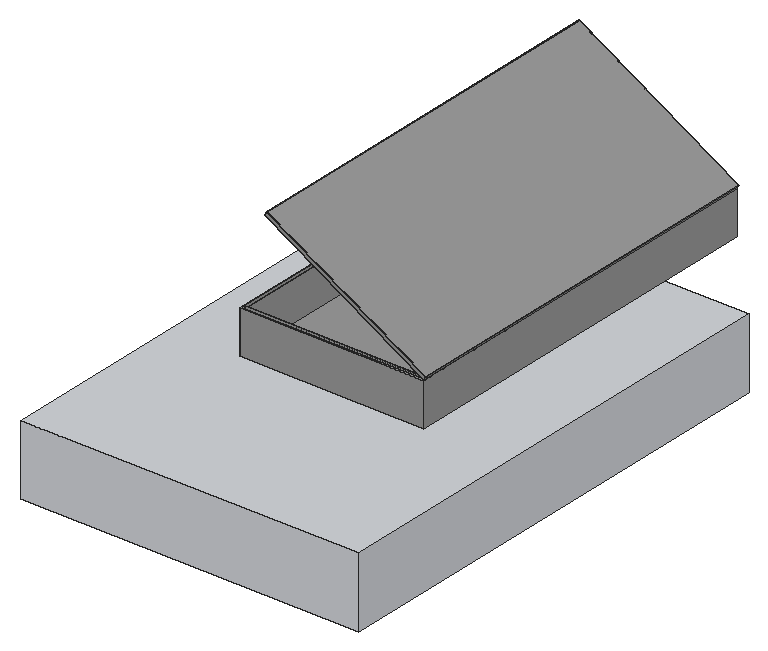
Revit family "Hager-Univers-IP44-D205-H1700-Cl.I-encl-DE-de", category Equipement électrique, Revit 2020
Family settings
  Hôte = Face
  Configuration du panneau = Deux colonnes, circuits au sein
  Cote de connecteur circulaire = Utiliser le diamètre
  Type d'élément = Tableau de raccordement
  Couper avec des vides une fois chargée = Non
  Partagée = Non
  Point de calcul de pièce = Non
Parameters (values of type "Aufputz IP44 B800 H1700 T205  - FP13TN2")
  Width Control [instance] = if([EF000008 - Breite] > Min Width, [EF000008 - Breite], Min Width)  # 800 mm
  Commentaires du type = [HG000003 - Bereich]  # "Univers"
  Thickness Door [instance] = if([EF009171 - Materialstärke Tür/Deckel] > 3 mm, 3 mm, [EF009171 - Materialstärke Tür/Deckel])  # 1 mm
  Seal Frame Offset [instance] = 17 mm  # constant formula
  Plinth Visibility [instance] = [HG000027 - Sockelhöhe] > 0 mm  # no
  Model = ""
  Min Width [instance] = 100 mm  # constant formula
  Min Height [instance] = 100 mm  # constant formula
  Min Depth [instance] = (2 * [EF009170 - Materialstärke Gehäuse]) + 1 mm  # 3 mm
  Internal Frame Depth [instance] = (Door System Depth * 0.5)  # 9 mm
  Height Control [instance] = if([EF000040 - Höhe] > Min Height, [EF000040 - Höhe], Min Height)  # 1700 mm
  HG000027 - Sockelhöhe = 0 mm
  HG000026 - Stehend auf dem Boden = no
  HG000024 - Höhe des unteren Teils = 800 mm
  HG000023 - Gehäuse mit doppeltem Querschnitt = no
  HG000016 - 3D-Türsichtbarkeit [instance] = yes
  HG000015 - Sichtbarkeit der Türöffnung [instance] = no
  HG000014 - Tür rechts [instance] = yes
  HG000013 - Tür links [instance] = not([HG000014 - Tür rechts])  # no
  HG000012 - Türschwenkwinkel [instance] = 30.00°
  HG000010 - Asymmetrische Türen = no
  HG000009 - Doppelflügeligen Tür = no
  HG000006 - Unterputz = no
  HG000004 - Herstellerreferenz = "FP13TN2"
  HG000003 - Bereich = "Univers"
  HG000002 - Mit tür = yes
  Frame Offset Bottom [instance] = 10 mm  # constant formula
  Frame Offset [instance] = 15 mm  # constant formula
  EF015940 - Deckel mit Überdruckentlastung = no
  EF011959 - Schutzart (NEMA) = ""
  EF009554 - Anzahl der Öffnungen für Flanschplatten = 6
  Fabricant = "Hager"  # constant formula
  EF009212 - Ausführung Deckel = "EV000116 - geschlossen"
  EF009171 - Materialstärke Tür/Deckel = 1 mm
  EF009170 - Materialstärke Gehäuse = 1 mm
  EF008873 - Nennstrom (In) = 400 A
  EF007800 - Geeignet für Blitzschutz = no
  EF006306 - Mit Schloss = no
  EF006244 - Transparenter Deckel/Tür = no
  EF005474 - Schutzart (IP) = "EV006418 - IP44"
  EF004464 - Art der Tür = "EV002646 - Einzel"
  EF004427 - Anzahl der Module = 396
  EF004293 - Schlagfestigkeit = "EV006815 - IK09"
  EF003532 - Geeignet für Außengebrauch = no
  EF002950 - Breite in Teilungseinheiten = 36
  EF001613 - Funktionserhalt = "EV000494 - ohne"
  EF001596 - Werkstoff des Gehäuses = "EV000179 - Stahl"
  EF001131 - Innentiefe = 205 mm
  EF001088 - Anbaumöglichkeit = yes
  EF000437 - Anzahl der Leitungseinführungen = 6
  EF000339 - Art der Abdeckung = "EV001012 - Deckel"
  EF000266 - Anzahl der Reihen = 11
  EF000218 - Einbautiefe = 205 mm
  EF000118 - Mit Montageplatte = no
  EF000116 - RAL-Nummer = "9010"
  EF000049 - Tiefe = 205 mm
  EF000040 - Höhe = 1700 mm
  EF000008 - Breite = 800 mm
  EF000007 - Farbe = "EV000202 - weiß"
  EF000003 - Montageart = "EV000384 - Aufputz"
  Door System Leaf Tolerance [instance] = 1.5 mm  # constant formula
  Door System Depth [instance] = 18 mm  # constant formula
  Door Height [instance] = Height Control - [HG000027 - Sockelhöhe]  # 1700 mm
  Depth Control [instance] = if([EF000049 - Tiefe] > Min Depth, [EF000049 - Tiefe], Min Depth)  # 205 mm
  Default Elevation = 0 mm
  Connector Offset [instance] = Height Control / 2  # 850 mm
  Bottom Top Plate Trim [instance] = 1.5 mm  # constant formula
  Plinth height Ctrl [instance] = if([HG000027 - Sockelhöhe] > 0 mm, [HG000027 - Sockelhöhe], 12 mm)  # 12 mm
Types (9, lengths in mm): name | Width Control | HG000010 - Asymmetrische Türen | HG000009 - Doppelflügeligen Tür | HG000004 - Herstellerreferenz | EF009554 - Anzahl der Öffnungen für Flanschplatten | EF008873 - Nennstrom (In) | EF004464 - Art der Tür | EF004427 - Anzahl der Module | EF002950 - Breite in Teilungseinheiten | EF000437 - Anzahl der Leitungseinführungen | EF000008 - Breite
  Aufputz IP44 B1050 H1700 T205  - FP14TN2 | 1050 | no | yes | "FP14TN2" | 8 | 400 A | "EV003602 - Doppel" | 528 | 48 | 8 | 1050
  Aufputz IP44 B1300 H1700 T205  - FP15TN | 1300 | no | yes | "FP15TN" | 10 | 400 A | "EV003602 - Doppel" | 660 | 60 | 10 | 1300
  Aufputz IP44 B1300 H1700 T205  - FP15TN2 | 1300 | yes | yes | "FP15TN2" | 10 | 400 A | "EV003602 - Doppel" | 660 | 60 | 10 | 1300
  Aufputz IP44 B300 H1700 T205  - FP11TN | 300 | no | no | "FP11TN" | 2 | 250 A | "EV002646 - Einzel" | 132 | 12 | 2 | 300
  Aufputz IP44 B300 H1700 T205  - FP11TN2 | 300 | no | no | "FP11TN2" | 2 | 250 A | "EV002646 - Einzel" | 132 | 12 | 2 | 300
  Aufputz IP44 B550 H1700 T205  - FP12TN | 550 | no | no | "FP12TN" | 4 | 250 A | "EV002646 - Einzel" | 264 | 24 | 4 | 550
  Aufputz IP44 B550 H1700 T205  - FP12TN2 | 550 | no | no | "FP12TN2" | 4 | 250 A | "EV002646 - Einzel" | 264 | 24 | 4 | 550
  Aufputz IP44 B800 H1700 T205  - FP13TN | 800 | no | no | "FP13TN" | 6 | 400 A | "EV002646 - Einzel" | 396 | 36 | 6 | 800
  Aufputz IP44 B800 H1700 T205  - FP13TN2 | 800 | no | no | "FP13TN2" | 6 | 400 A | "EV002646 - Einzel" | 396 | 36 | 6 | 800
Reference planes
  plane 1 "Center (Front/Back)": y = 0
  plane 2: z = 0
  plane 3 "Center (Left/Right)": x = 0
  plane 4: z = 205
  plane 5: y = 1
  plane 6: y = 850
  plane 7: y = 0
  plane 8: y = 1700
  plane 9: z = 0
  plane 10: x = -385
  plane 11: x = 385
  plane 12: x = 384
  plane 13: x = -384
  plane 14: y = 1699
  plane 15: x = -383
  plane 16: x = -400
  plane 17: x = 383
  plane 18: x = 400
  plane 19: x = 399
  plane 20: x = -399
  plane 21: y = 11
  plane 22: y = 1700
  plane 23: y = 1684
  plane 24: z = 187
  plane 25: z = 1
  plane 26: z = 186
  plane 27: z = 204
Forms (mm)
  Extrusion 1, solid
    sketch origin (0, 0, 0) x (1, 0, 0) y (0, 1, 0)
      loop
        line (-702.964, 1305) -> (-702.964, -811.445) -> (766.763, -811.445) -> (766.763, 1305) -> (-702.964, 1305)
    from 0 to -304.8
  Extrusion 2, solid, material "Hager_Steel_RAL7035_Light_Grey", visible <- "Plinth Visibility", detail levels medium+fine
    sketch origin (0, 0, 0) x (1, 0, 0) y (0, 1, 0)
      loop
        line (-400, 0) -> (400, 0) -> (400, 12) -> (-400, 12) -> (-400, 0)
    from 0 to 187
  Extrusion 3, solid, material "Hager_Steel_RAL7035_Light_Grey", detail levels medium+fine
    sketch origin (0, 0, 0) x (1, 0, 0) y (0, 1, 0)
      loop
        line (-400, 0) -> (400, 0) -> (400, 1700) -> (-400, 1700) -> (-400, 0)
    from 0 to 187
  Extrusion 4, void
    sketch origin (0, 0, 0) x (1, 0, 0) y (0, 1, 0)
      loop
        line (-399, 1) -> (399, 1) -> (399, 1699) -> (-399, 1699) -> (-399, 1)
    from 1 to 186
  Extrusion 5, void
    sketch origin (-381.607, -4572, 187) x (0, -1, 0) y (-1, 0, 0)
      loop
        line (-4583, 2.393) -> (-6256, 2.393) -> (-6256, -765.607) -> (-4583, -765.607) -> (-4583, 2.393)
    from 0 to 1 <- "EF009170 - Materialstärke Gehäuse"
  Extrusion 6, solid, material "Hager_Steel_RAL7035_Light_Grey", detail levels fine
    sketch origin (0, 0, 187) x (1, 0, 0) y (0, 1, 0)
      loop
        line (-384, 1684) -> (-384, 11) -> (384, 11) -> (384, 1684) -> (-384, 1684)
      loop
        line (-385, 10) -> (385, 10) -> (385, 1685) -> (-385, 1685) -> (-385, 10)
    from 0 to 9 <- "Internal Frame Depth"
  Extrusion 7, solid, material "Hager_Steel_RAL7035_Light_Grey", detail levels coarse
    sketch origin (0, 0, 0) x (1, 0, 0) y (0, 1, 0)
      loop
        line (-400, 0) -> (400, 0) -> (400, 1700) -> (-400, 1700) -> (-400, 0)
    from 0 to 205
  Sweep 8, void
    path in 3D
      loop
        line (-400, 12, 0) -> (400, 12, 0) -> (400, 12, 187) -> (-400, 12, 187) -> (-400, 12, 0)
    profile origin (-400, 12, 93.5) x (-1, 0, 0) y (0, -1, 0)
      loop
        line (0, 0) -> (0, 1.5) -> (-1.5, 1.5)
        arc (-1.5, 1.5) -> (-1.061, 0.439) -> (0, 0) r 1.5
Cuts and joins
  Extrusion 4, Extrusion 5 cuts Extrusion 3
  Sweep 8 cuts Extrusion 2
Lines and regions (mm)
  Masking region 1
    outline origin (0, 0, 0) x (1, 0, 0) y (0, 0, 1)
      loop
        line (-400, 205) -> (-400, 0) -> (400, 0) -> (400, 205) -> (-400, 205)
  Masking region 2, detail levels medium+fine
    outline origin (0, 140, 0) x (0, 1, 0) y (0, 0, 1)
      loop
        line (-140, 0) -> (1560, 0) -> (1560, 187) -> (-140, 187) -> (-140, 0)
  Masking region 3, not visible, detail levels medium+fine
    outline origin (0, 297.922, 0) x (0, 1, 0) y (0, 0, 1)
      loop
        line (563.578, 0) -> (603.578, 0) -> (603.578, 194)
        arc (603.578, 194) -> (600.649, 201.071) -> (593.578, 204) r 10
        line (593.578, 204) -> (563.578, 204) -> (563.578, 0)
  Masking region 4, detail levels coarse
    outline origin (0, 0, 180) x (0, 1, 0) y (0, 0, 1)
      loop
        line (0, -180) -> (1700, -180) -> (1700, 25) -> (0, 25) -> (0, -180)
  Masking region 5, visible <- "Plinth Visibility", detail levels medium+fine
    outline origin (0, 52.24, 12.345) x (0, 0, -1) y (0, 1, 0)
      loop
        line (10.845, -40.24) -> (-173.155, -40.24)
        arc (-173.155, -40.24) -> (-173.594, -41.301) -> (-174.655, -41.74) r 1.5
        line (-174.655, -41.74) -> (-174.655, -52.24) -> (12.345, -52.24) -> (12.345, -41.74)
        arc (12.345, -41.74) -> (11.285, -41.301) -> (10.845, -40.24) r 1.5
  Masking region 6, detail levels medium+fine
    outline origin (-381.607, -4572, 187) x (-1, 0, 0) y (0, -1, 0)
      loop
        line (18.393, -6272) -> (18.393, -4572) -> (-781.607, -4572) -> (-781.607, -6272) -> (18.393, -6272)
  Masking region 7, visible <- "Plinth Visibility", detail levels medium+fine
    outline origin (-381.607, -4727, 187) x (-1, 0, 0) y (0, -1, 0)
      loop
        arc (16.893, -4739) -> (17.332, -4737.939) -> (18.393, -4737.5) r 1.5
        line (18.393, -4737.5) -> (18.393, -4727) -> (-781.607, -4727) -> (-781.607, -4737.5)
        arc (-781.607, -4737.5) -> (-780.546, -4737.939) -> (-780.107, -4739) r 1.5
        line (-780.107, -4739) -> (16.893, -4739)
  Masking region 8, detail levels coarse
    outline origin (-442.548, -4669.526, 187) x (-1, 0, 0) y (0, -1, 0)
      loop
        line (-42.548, -6369.526) -> (-42.548, -4669.526) -> (-842.548, -4669.526) -> (-842.548, -6369.526) -> (-42.548, -6369.526)
  sketch lines
    curve 1: line (-400, 12, 187) -> (-400, 12, 0)
    curve 2: line (400, 12, 187) -> (-400, 12, 187)
    curve 3: line (400, 12, 187) -> (400, 12, 0)
    curve 4: line (-400, 12, 0) -> (400, 12, 0)
Dimensions and locks
  "Depth Control": plane 4 to Extrusion 1
  "HG000027 - Sockelhöhe": plane 1 "Center (Front/Back)" to plane 7
  "EF009170 - Materialstärke Gehäuse": plane 5 to plane 7
  locked: connector elem to plane 3 "Center (Left/Right)"
  equal spacing: plane 8, plane 6, plane 7
  locked: connector elem to plane 6
  "EF009170 - Materialstärke Gehäuse": plane 8 to plane 14
  "EF009170 - Materialstärke Gehäuse": plane 10 to plane 13
  "EF009170 - Materialstärke Gehäuse": plane 12 to plane 11
  "Frame Offset": plane 20 to plane 13
  "Frame Offset": plane 12 to plane 19
  "EF009170 - Materialstärke Gehäuse": plane 16 to plane 20
  "EF009170 - Materialstärke Gehäuse": plane 19 to plane 18
  "Seal Frame Offset": plane 16 to plane 15
  "Seal Frame Offset": plane 17 to plane 18
  "Frame Offset Bottom": plane 21 to plane 5
  "Frame Offset": plane 14 to plane 23
  equal spacing: plane 16, plane 3 "Center (Left/Right)", plane 18
  "Width Control": plane 16 to plane 18
  "EF009170 - Materialstärke Gehäuse": plane 4 to plane 27
  "EF009170 - Materialstärke Gehäuse": plane 24 to plane 26
  "EF009170 - Materialstärke Gehäuse": plane 25 to level
  "Door System Depth": plane 4 to plane 24
  "Height Control": plane 1 "Center (Front/Back)" to Extrusion 7 sketch curve
  "Height Control": Masking region 4 sketch curve to plane 1 "Center (Front/Back)"
  "Height Control": plane 1 "Center (Front/Back)" to plane 22
  "Bottom Top Plate Trim": profile plane to Sweep 8 sketch curve
  "Bottom Top Plate Trim": Sweep 8 sketch curve to profile plane
  "Plinth height Ctrl": plane 1 "Center (Front/Back)" to Extrusion 2 sketch curve
  "Plinth height Ctrl": Masking region 5 sketch curve to plane 1 "Center (Front/Back)"
  "Plinth height Ctrl": plane 1 "Center (Front/Back)" to Masking region 7 sketch curve
  "Thickness Door": Extrusion 6 sketch curve to Extrusion 6 sketch curve  (x3)
  "Thickness Door": cut or joined group of Extrusion 3, Extrusion 4, Extrusion 5 to Extrusion 6 sketch curve
  radius of Masking region 3 sketch curve = 10 mm
  "Bottom Top Plate Trim": radius of Masking region 5 sketch curve  (x2)
  "Bottom Top Plate Trim": radius of Sweep 8 sketch curve
  "Bottom Top Plate Trim": radius of Masking region 7 sketch curve  (x2)
  aligned and locked: plane 2 to Extrusion 1
  aligned and locked: level to Extrusion 1
  aligned and locked: level to Masking region 1 sketch curve
  aligned and locked: Masking region 1 sketch curve to plane 18
  aligned and locked: Masking region 1 sketch curve to plane 16
  aligned and locked: plane 7 to Masking region 2 sketch curve
  aligned and locked: level to Masking region 3 sketch curve
  aligned and locked: Masking region 3 sketch curve to plane 27
  aligned and locked: level to Masking region 2 sketch curve
  aligned and locked: plane 1 "Center (Front/Back)" to Extrusion 2 sketch curve
  aligned and locked: Extrusion 3 sketch curve to plane 7
  aligned and locked: plane 16 to Extrusion 3 sketch curve
  aligned and locked: plane 18 to Extrusion 3 sketch curve
  aligned and locked: plane 20 to Extrusion 4 sketch curve
  aligned and locked: plane 19 to Extrusion 4 sketch curve
  aligned and locked: Extrusion 4 sketch curve to plane 5
  aligned and locked: Extrusion 4 to plane 25
  aligned and locked: plane 26 to Extrusion 4
  aligned and locked: plane 24 to Extrusion 3
  aligned and locked: Extrusion 5 sketch curve to plane 21
  aligned and locked: Extrusion 5 sketch curve to plane 13
  aligned and locked: Extrusion 5 sketch curve to plane 12
  aligned and locked: plane 18 to Extrusion 7 sketch curve
  aligned and locked: plane 1 "Center (Front/Back)" to Extrusion 7 sketch curve
  aligned and locked: plane 16 to Extrusion 7 sketch curve
  aligned and locked: plane 4 to Extrusion 7
  aligned and locked: Extrusion 7 to level
  aligned and locked: level to Masking region 4 sketch curve
  aligned and locked: Masking region 4 sketch curve to plane 1 "Center (Front/Back)"
  aligned and locked: Masking region 4 sketch curve to plane 4
  aligned and locked: nested 1 to level
  aligned and locked: nested 1 to plane 16
  aligned and locked: plane 8 to Extrusion 3 sketch curve
  aligned and locked: plane 23 to Extrusion 5 sketch curve
  aligned and locked: plane 14 to Extrusion 4 sketch curve
  aligned and locked: Masking region 2 sketch curve to plane 8
  aligned and locked: level to Masking region 5 sketch curve
  aligned and locked: plane 16 to Extrusion 2 sketch curve
  aligned and locked: plane 18 to Extrusion 2 sketch curve
  aligned and locked: Masking region 5 sketch curve to plane 24
  aligned and locked: Masking region 2 sketch curve to plane 24
  aligned and locked: plane 24 to Extrusion 2
  aligned and locked: profile plane to Sweep 8 sketch curve  (x2)
  aligned and locked: Masking region 6 sketch curve to plane 18
  aligned and locked: Masking region 6 sketch curve to plane 22
  aligned and locked: Masking region 6 sketch curve to plane 16
  aligned and locked: plane 8 to plane 22
  aligned and locked: Masking region 6 sketch curve to plane 7
  aligned and locked: Masking region 7 sketch curve to plane 16
  aligned and locked: Masking region 7 sketch curve to plane 1 "Center (Front/Back)"
  aligned and locked: Masking region 7 sketch curve to plane 18
  aligned and locked: Masking region 8 sketch curve to plane 1 "Center (Front/Back)"
  aligned and locked: Masking region 8 sketch curve to plane 18
  aligned and locked: Masking region 8 sketch curve to plane 22
  aligned and locked: Masking region 8 sketch curve to plane 16
  aligned and locked: nested 2 to plane 7
  aligned and locked: plane 3 "Center (Left/Right)" to nested 2
  aligned and locked: nested 2 to plane 24
  aligned and locked: Extrusion 6 sketch curve to cut or joined group of Extrusion 3, Extrusion 4, Extrusion 5  (x4)
Automatic sketch dimensions
  Extrusion 1 sketch curve to Extrusion 1 sketch curve = 1469.727 mm
  Extrusion 1 sketch curve to Extrusion 1 sketch curve = 2116.445 mm
  Masking region 1 sketch curve to plane 4 = 0 mm
  plane 6 to Masking region 3 sketch curve = 11.5 mm
  Masking region 3 sketch curve to Masking region 3 sketch curve = 30 mm
  Masking region 5 sketch curve to plane 1 "Center (Front/Back)" = 0 mm
Nested families
  nested 1: "Hager_Enclosure_Symbol" at (-400, 0, 0) x (1, 0, 0) z (0, -1, 0), Height <- "Depth Control", Width <- "Width Control", type "Hager_Enclosure_Symbol"
    with Width_Ctrl 800 mm, Width 800 mm, Height_Ctrl 205 mm, Height 205 mm, A_Width_Int 13.453 mm, A_Width 161.438 mm, A_Height_Ctrl 179.375 mm, A_Height 179.375 mm
  nested 2: "EC000058_Univers_Door" at (0, 0, 187) x (1, 0, 0) z (0, 1, 0), Leaf_Tolerance <- "Door System Leaf Tolerance", Angle <- "HG000012 - Türschwenkwinkel", Door_Depth <- "Door System Depth", Door_Left <- "HG000013 - Tür links", Transparent <- "EF006244 - Transparenter Deckel/Tür", Assymetrical <- "HG000010 - Asymmetrische Türen", Width <- "Width Control", Clearance <- "HG000015 - Sichtbarkeit der Türöffnung", Double <- "HG000009 - Doppelflügeligen Tür", 3d_Door <- "HG000016 - 3D-Türsichtbarkeit", Lock_Visibility <- "EF006306 - Mit Schloss", Width_Ctrl <- "Width Control", Door_Right <- "HG000014 - Tür rechts", Door <- "HG000002 - Mit tür", Height <- "Door Height", Thickness <- "Thickness Door", type "EC000058_Univers_Door", detail levels medium+fine
    with min_wh 3 mm, Width_Ctrl 800 mm, Width 800 mm, Transparent no, Thickness 1 mm, Seal_Material Hager_Rubber, Lock_Visibility no, Lock_Material Hager_Plastic_RAL9005_Jet_Black, Leaf_Width 800 mm, Leaf_Tolerance_External_Sides 0 mm, Leaf_Tolerance 1.5 mm, Leaf_Offset 0 mm, Leaf_Height 1697 mm, Leaf_2_Width 800 mm, Leaf_2_Offset 400 mm, Leaf_1_Width 800 mm, Leaf_1_Offset 400 mm, Height_Ctrl 1700 mm, Height 1700 mm, Glass_Material Hager_Glass, Double_Clearance_Ctrl no, Double no, Door_Right_Ctrl yes, Door_Right yes, Door_Material Hager_Steel_RAL7035_Light_Grey, Door_Left_Ctrl no, Door_Left no, Door_Depth 18 mm, Door yes, Clearance_Material Hager_Clearance, Clearance_Depth 800 mm, Clearance_Ctrl no, Clearance no, Assymetrical no, Angle 30.00°, 3d_Door yes
Connectors
  electrical at (0, 850, 0)
    settings: on plane 9, index 1, voltage 0 V, apparent load 0 VA, apparent load phase1 0 VA, apparent load phase2 0 VA, apparent load phase3 0 VA, power factor 1, load classification "Other", number of poles 1, system type 30, power factor state 1, is connector primary yes, connector utility no, sub classification motor no, connector description ""
Definition of nested family "EC000058_Univers_Door"
  Parameters (values of type "EC000058_Univers_Door")
    min_wh [instance] = (2 * Thickness) + 1 mm  # 11 mm
    Width_Ctrl [instance] = 400 mm
    Width [instance] = 500 mm
    Transparent [instance] = yes
    Thickness [instance] = 5 mm
    Seal_Material [instance] = none
    Lock_Visibility [instance] = yes
    Lock_Material [instance] = none
    Leaf_Width [instance] = if((Width_Ctrl - 2 * Leaf_Tolerance_External_Sides) > 0 mm, (Width_Ctrl - 2 * Leaf_Tolerance_External_Sides), min_wh)  # 400 mm
    Leaf_Tolerance_External_Sides [instance] = 0 mm  # constant formula
    Leaf_Tolerance [instance] = 1.5 mm
    Leaf_Offset [instance] = 0 mm  # constant formula
    Leaf_Height [instance] = if((Height_Ctrl - 2 * Leaf_Tolerance) > 0 mm, (Height_Ctrl - 2 * Leaf_Tolerance), min_wh)  # 497 mm
    Leaf_2_Width [instance] = if(and(and(Double, Assymetrical), Door_Left), (Leaf_Width / 3) - (Leaf_Tolerance / 2), if(and(and(Double, Assymetrical), Door_Right), (Leaf_Width / 3) * 2 - (Leaf_Tolerance / 2), if(and(Double, not(Assymetrical)), (Leaf_Width / 2) - Leaf_Tolerance, Leaf_Width)))  # 400 mm
    Leaf_2_Offset [instance] = if(and(Double, Assymetrical), Leaf_2_Width / 2, if(and(Double, not(Assymetrical)), Leaf_Width / 4, Leaf_Width / 2))  # 200 mm
    Leaf_1_Width [instance] = if(and(and(Double, Assymetrical), Door_Right), (Leaf_Width / 3) - (Leaf_Tolerance / 2), if(and(and(Double, Assymetrical), Door_Left), (Width / 3) * 2 - (Leaf_Tolerance / 2), if(and(Double, not(Assymetrical)), (Leaf_Width / 2) - Leaf_Tolerance, Leaf_Width)))  # 400 mm
    Leaf_1_Offset [instance] = if(and(Double, Assymetrical), Leaf_1_Width / 2, if(and(Double, not(Assymetrical)), Leaf_Width / 4, Leaf_Width / 2))  # 200 mm
    Height_Ctrl [instance] = if(Height > min_wh, Height, min_wh)  # 500 mm
    Height [instance] = 500 mm
    Glass_Material [instance] = none
    Double_Clearance_Ctrl [instance] = and(Double, Clearance)  # no
    Double [instance] = no
    Door_Right_Ctrl [instance] = and(or(Door_Right, Double), Door)  # yes
    Door_Right [instance] = yes
    Door_Material [instance] = none
    Door_Left_Ctrl [instance] = and(or(Door_Left, Double), Door)  # no
    Door_Left [instance] = no
    Door_Depth [instance] = 30 mm
    Door [instance] = yes
    Default Elevation = 1219.2 mm
    Clearance_Material [instance] = none
    Clearance_Depth [instance] = if(Leaf_1_Width > Leaf_2_Width, Leaf_1_Width, Leaf_2_Width)  # 400 mm
    Clearance_Ctrl [instance] = and(not(Double), Clearance)  # yes
    Clearance [instance] = yes
    Assymetrical [instance] = yes
    Angle [instance] = 30.00°
    3d_Door [instance] = yes
  Reference planes
    plane 1 "Center (Front/Back)": y = 0
    plane 2 "Bottom": z = 0
    plane 3 "Center (Left/Right)": x = 0
    plane 4: z = 500
    plane 5: x = -200
    plane 6: x = 200
    plane 7: z = 500
    plane 8: x = -200
    plane 9: z = 0
    plane 10: x = 200
    plane 11: y = 0
    plane 12: z = 1.5
    plane 13: x = -600
    plane 14: y = -400
    plane 15: x = 600
    plane 16: x = 0
    plane 17: x = 0
    plane 18: x = -200
    plane 19: x = 200
    plane 20: z = 498.5
  Forms (mm)
    Extrusion 1, solid, material <- "Clearance_Material", visible <- "Double_Clearance_Ctrl"
      sketch origin (1200, 0, 0) x (1, 0, 0) y (0, 0, -1)
        loop
          line (-1800, -498.5) -> (-600, -498.5) -> (-600, 0) -> (-1800, 0) -> (-1800, -498.5)
      from 0 to -400
  Dimensions and locks
    equal spacing: plane 5, plane 3 "Center (Left/Right)", plane 6
    "Width_Ctrl": plane 5 to plane 6
    "Leaf_Offset": plane 5 to plane 8
    "Leaf_Offset": plane 6 to plane 10
    "Leaf_Offset": plane 9 to level
    "Leaf_Offset": plane 4 to plane 7
    "Height_Ctrl": plane 4 to level
    "Leaf_Tolerance": plane 12 to plane 9
    locked: plane 11 to plane 1 "Center (Front/Back)"
    "Leaf_1_Offset": plane 18 to plane 16
    "Leaf_2_Offset": plane 17 to plane 19
    "Leaf_1_Width": plane 13 to plane 8
    "Leaf_2_Width": plane 10 to plane 15
    "Clearance_Depth": plane 14 to plane 1 "Center (Front/Back)"
    "Leaf_Tolerance_External_Sides": plane 8 to plane 18
    "Leaf_Tolerance_External_Sides": plane 19 to plane 10
    "Leaf_Tolerance": plane 7 to plane 20
    aligned and locked: level to plane 2 "Bottom"
    aligned and locked: nested 1 to plane 16
    aligned and locked: nested 2 to plane 17
    aligned and locked: Extrusion 1 to plane 13
    aligned and locked: plane 15 to Extrusion 1
    aligned and locked: Extrusion 1 to plane 14
    aligned and locked: plane 12 to nested 1
    aligned and locked: nested 2 to plane 12
    aligned and locked: Extrusion 1 to plane 11
    aligned and locked: plane 20 to Extrusion 1
    aligned and locked: nested 2 to plane 11
    aligned and locked: nested 1 to plane 11
  Automatic sketch dimensions
    Extrusion 1 sketch curve to level = 0 mm
    plane 5 to Extrusion 1 sketch curve = 400 mm
    plane 6 to Extrusion 1 sketch curve = 400 mm
    Extrusion 1 sketch curve to plane 4 = 1.5 mm
  Nested families
    nested 1: "EC000058_Univers_Door_Leaf" at (0, 0, 1.5), Width <- "Leaf_1_Width", visible <- "Door_Left_Ctrl", Leaf_Height <- "Leaf_Height", Angle <- "Angle", 3d_Door <- "3d_Door", Transparent <- "Transparent", Clearance Material <- "Clearance_Material", Clearance <- "Clearance_Ctrl", Door_Material <- "Door_Material", Glass_Material <- "Glass_Material", Door_Depth <- "Door_Depth", Lock_Material <- "Lock_Material", Seal_Material <- "Seal_Material", Lock_Visibility <- "Lock_Visibility", Thickness <- "Thickness", type "EC000058_Univers_Door_Leaf"
      with Width 400 mm, Transparent_Glass_Offset 30 mm, Transparent_Ctrl yes, Transparent yes, Thickness 5 mm, Standard no, Seal_Material none, Seal_D2 8 mm, Seal_D1 1 mm, Offset_Internal_Frame 10 mm, Lock_Width 20 mm, Lock_Visibility_3d yes, Lock_Visibility yes, Lock_Thickness_3 3 mm, Lock_Thickness_2 1 mm, Lock_Thickness_1 3 mm, Lock_Radius_Offset_2 16 mm, Lock_Radius_Offset_1 15 mm, Lock_Radius_2 5 mm, Lock_Radius 6 mm, Lock_Offset 5 mm, Lock_Material none, Lock_Height 80 mm, Lock_Cover_Top_Offset_2d 17 mm, Lock_Cover_Height -65 mm, Leaf_Height 497 mm, Internal_Seal_Thickness 8 mm, Internal_Seal_Depth_2 4.5 mm, Internal_Frame_Depth 25 mm, Glass_Thickness -1 mm, Glass_Offset -2 mm, Glass_Material none, Door_Material none, Door_Depth 30 mm, Clearance Material none, Clearance yes, Angle_Ctrl 30.00°, Angle 30.00°, 3d_Door yes
    nested 2: "EC000058_Univers_Door_Leaf" at (0, 0, 1.5) x (-1, 0, 0) z (0, 0, 1), Width <- "Leaf_2_Width", visible <- "Door_Right_Ctrl", Leaf_Height <- "Leaf_Height", Angle <- "Angle", 3d_Door <- "3d_Door", Transparent <- "Transparent", Clearance Material <- "Clearance_Material", Clearance <- "Clearance_Ctrl", Door_Material <- "Door_Material", Glass_Material <- "Glass_Material", Door_Depth <- "Door_Depth", Lock_Material <- "Lock_Material", Seal_Material <- "Seal_Material", Lock_Visibility <- "Lock_Visibility", Thickness <- "Thickness", type "EC000058_Univers_Door_Leaf"
      with Width 400 mm, Transparent_Glass_Offset 30 mm, Transparent_Ctrl yes, Transparent yes, Thickness 5 mm, Standard no, Seal_Material none, Seal_D2 8 mm, Seal_D1 1 mm, Offset_Internal_Frame 10 mm, Lock_Width 20 mm, Lock_Visibility_3d yes, Lock_Visibility yes, Lock_Thickness_3 3 mm, Lock_Thickness_2 1 mm, Lock_Thickness_1 3 mm, Lock_Radius_Offset_2 16 mm, Lock_Radius_Offset_1 15 mm, Lock_Radius_2 5 mm, Lock_Radius 6 mm, Lock_Offset 5 mm, Lock_Material none, Lock_Height 80 mm, Lock_Cover_Top_Offset_2d 17 mm, Lock_Cover_Height -65 mm, Leaf_Height 497 mm, Internal_Seal_Thickness 8 mm, Internal_Seal_Depth_2 4.5 mm, Internal_Frame_Depth 25 mm, Glass_Thickness -1 mm, Glass_Offset -2 mm, Glass_Material none, Door_Material none, Door_Depth 30 mm, Clearance Material none, Clearance yes, Angle_Ctrl 30.00°, Angle 30.00°, 3d_Door yes
  Definition of nested family "EC000058_Univers_Door_Leaf"
    Parameters (values of type "EC000058_Univers_Door_Leaf")
      Width [instance] = 2000 mm
      Transparent_Glass_Offset [instance] = 30 mm
      Transparent_Ctrl [instance] = and(Transparent, [3d_Door])  # yes
      Transparent [instance] = yes
      Thickness [instance] = 5 mm
      Standard [instance] = and(not(Transparent), [3d_Door])  # no
      Seal_Material [instance] = none
      Seal_D2 [instance] = 8 mm  # constant formula
      Seal_D1 [instance] = 1 mm  # constant formula
      Offset_Internal_Frame [instance] = 10 mm  # constant formula
      Lock_Width [instance] = 20 mm  # constant formula
      Lock_Visibility_3d [instance] = and(Lock_Visibility, [3d_Door])  # yes
      Lock_Visibility [instance] = yes
      Lock_Thickness_3 [instance] = 3 mm  # constant formula
      Lock_Thickness_2 [instance] = 1 mm  # constant formula
      Lock_Thickness_1 [instance] = 3 mm  # constant formula
      Lock_Radius_Offset_2 [instance] = Lock_Radius_Offset_1 + 1 mm  # 16 mm
      Lock_Radius_Offset_1 [instance] = 15 mm  # constant formula
      Lock_Radius_2 [instance] = Lock_Radius - 1 mm  # 5 mm
      Lock_Radius [instance] = 6 mm  # constant formula
      Lock_Offset [instance] = 5 mm  # constant formula
      Lock_Material [instance] = none
      Lock_Height [instance] = 80 mm  # constant formula
      Lock_Cover_Top_Offset_2d [instance] = Lock_Radius_Offset_2 + 1 mm  # 17 mm
      Lock_Cover_Height [instance] = -(Lock_Height - Lock_Radius_Offset_1)  # -65 mm
      Leaf_Height [instance] = 2720.336 mm
      Internal_Seal_Thickness [instance] = 8 mm  # constant formula
      Internal_Seal_Depth_2 [instance] = 4.5 mm  # constant formula
      Internal_Frame_Depth [instance] = if(Door_Depth - Thickness > 5 mm, Door_Depth - Thickness, 5 mm)  # 25 mm
      Glass_Thickness [instance] = if(Thickness > 15 mm, Glass_Offset + 10 mm, -1 mm)  # -1 mm
      Glass_Offset [instance] = if(Thickness > 15 mm, -(Thickness + 10 mm) / 2, -2 mm)  # -2 mm
      Glass_Material [instance] = none
      Door_Material [instance] = none
      Door_Depth [instance] = 30 mm
      Default Elevation = 0 mm
      Clearance Material [instance] = none
      Clearance [instance] = yes
      Angle_Ctrl [instance] = if(Angle > 180.00°, 180.00°, Angle)  # 90.00°
      Angle [instance] = 90.00°
      3d_Door [instance] = yes
    Reference planes
      plane 1 "Center (Front/Back)": y = 0
      plane 2: z = 0
      plane 3 "Center (Left/Right)": x = 0
      plane 4: y = 2000
      plane 5: x = -1000
      plane 6: x = 1000
      plane 7: x = -3000
      plane 8: z = 2720.336
      plane 9: z = 30
      plane 10: z = 2690.336
      plane 11: x = 970
      plane 12: x = -970
      plane 13: y = -3
      plane 14: z = 107.833
      plane 15: y = -5
      plane 16: y = -223.314
      plane 17: x = -1000
      plane 18: z = 1360.168
      plane 19: y = 30
    Forms (mm)
      Extrusion 1, solid, material <- "Clearance Material", visible <- "Clearance"
        sketch origin (0, 0, 0) x (1, 0, 0) y (0, 0, 1)
          loop
            line (-3000, 2720.336) -> (-3000, 0) -> (1000, 0) -> (1000, 2720.336) -> (-3000, 2720.336)
        from 0 to -2000
      Extrusion 2, solid, material <- "Door_Material", visible <- "Standard", detail levels medium+fine
        sketch origin (-1000, 0, 0) x (0, 1, 0) y (-1, 0, 0)
          loop
            line (0, 30) -> (0, 25) -> (2000, 25) -> (2000, 30) -> (0, 30)
        from 0 to 2720.336 <- "Leaf_Height"
      Extrusion 3, solid, material <- "Door_Material", visible <- "Transparent_Ctrl", detail levels medium+fine
        sketch origin (-1000, 0, 0) x (0, 1, 0) y (-1, 0, 0)
          loop
            line (0, 25) -> (2000, 25) -> (2000, 30) -> (0, 30) -> (0, 25)
        from 0 to 2720.336 <- "Leaf_Height"
      Extrusion 4, void
        sketch origin (-1025, 2000, 0) x (0, 1, 0) y (0, 0, -1)
          loop
            line (-30, -2690.336) -> (-30, -30) -> (-1970, -30) -> (-1970, -2690.336) -> (-30, -2690.336)
        from 0 to 5 <- "Thickness"
      Sweep 5, solid, material <- "Seal_Material", visible <- "Transparent_Ctrl", detail levels fine
        path in 3D
          loop
            line (-1025, 30, 30) -> (-1025, 30, 2690.336) -> (-1025, 1970, 2690.336) -> (-1025, 1970, 30) -> (-1025, 30, 30)
        profile origin (-1025, 1000, 30) x (1, 0, 0) y (0, 0, 1)
          loop
            line (0, 0) -> (0, -8) -> (1, -8) -> (1, 0) -> (0, 0)
      Extrusion 6, solid, material <- "Glass_Material", visible <- "Transparent_Ctrl", detail levels medium+fine
        sketch origin (-1030, 0, 0) x (0, 1, 0) y (0, 0, -1)
          loop
            line (1970, -2690.336) -> (1970, -30) -> (30, -30) -> (30, -2690.336) -> (1970, -2690.336)
        from -2 <- "Glass_Offset" to -1 <- "Glass_Thickness"
      Extrusion 7, solid, material <- "Door_Material", visible <- "3d_Door", detail levels medium+fine
        sketch origin (-1025, 2000, 0) x (0, -1, 0) y (0, 0, -1)
          loop
            line (0, -2720.336) -> (2000, -2720.336) -> (2000, 0) -> (0, 0) -> (0, -2720.336)
          loop
            line (1995, -5) -> (5, -5) -> (5, -2715.336) -> (1995, -2715.336) -> (1995, -5)
        from 0 to 25 <- "Internal_Frame_Depth"
      Sweep 8, solid, material <- "Seal_Material", visible <- "Transparent_Ctrl", detail levels fine
        path in 3D
          loop
            line (-1025, 0, 0) -> (-1025, 2000, 0) -> (-1025, 2000, 2720.336) -> (-1025, 0, 2720.336) -> (-1025, 0, 0)
        profile origin (-1025, 0, 1360.168) x (1, 0, 0) y (0, 1, 0)
          loop
            line (0, 10) -> (2.975, 10)
            arc (2.975, 10) -> (4.053, 10.447) -> (4.5, 11.525) r 1.525
            line (4.5, 11.525) -> (4.5, 16.527)
            arc (4.5, 16.527) -> (4.069, 17.569) -> (3.027, 18) r 1.473
            line (3.027, 18) -> (0, 18) -> (0, 10)
      Extrusion 9, solid, material <- "Lock_Material", visible <- "Lock_Visibility_3d", detail levels fine
        sketch origin (-1030, 0, 0) x (0, 1, 0) y (0, 0, -1)
          loop
            arc (1993.5, -1400.168) -> (1994.561, -1399.729) -> (1995, -1398.668) r 1.5
            line (1995, -1398.668) -> (1995, -1320.168) -> (1975, -1320.168) -> (1975, -1398.668)
            arc (1975, -1398.668) -> (1975.439, -1399.729) -> (1976.5, -1400.168) r 1.5
            line (1976.5, -1400.168) -> (1993.5, -1400.168)
        from 3 <- "Lock_Thickness_1" to 0
      Blend 10, solid, material <- "Lock_Material", visible <- "Lock_Visibility_3d", detail levels fine
        base sketch origin (-1033, 0, 0) x (0, 1, 0) y (0, 0, -1)
          loop
            line (1975, -1320.168) -> (1975, -1398.668)
            arc (1975, -1398.668) -> (1975.439, -1399.729) -> (1976.5, -1400.168) r 1.5
            line (1976.5, -1400.168) -> (1993.5, -1400.168)
            arc (1993.5, -1400.168) -> (1994.561, -1399.729) -> (1995, -1398.668) r 1.5
            line (1995, -1398.668) -> (1995, -1320.168) -> (1975, -1320.168)
        top sketch origin (-1033, 0, 0) x (0, 1, 0) y (0, 0, -1)
          loop
            line (1976, -1320.168) -> (1976, -1398.668)
            arc (1976, -1398.668) -> (1976.146, -1399.022) -> (1976.5, -1399.168) r 0.5
            line (1976.5, -1399.168) -> (1993.5, -1399.168)
            arc (1993.5, -1399.168) -> (1993.854, -1399.022) -> (1994, -1398.668) r 0.5
            line (1994, -1398.668) -> (1994, -1320.168) -> (1976, -1320.168)
        from 0 to 1 <- "Lock_Thickness_2"
      Blend 11, solid, material <- "Lock_Material", visible <- "Lock_Visibility_3d", detail levels fine
        base sketch origin (-1034, 0, 0) x (0, 1, 0) y (0, 0, -1)
          loop
            line (1978, -1320.168) -> (1978, -1384.168)
            arc (1978, -1384.168) -> (1985, -1391.168) -> (1992, -1384.168) r 7
            line (1992, -1384.168) -> (1992, -1320.168) -> (1978, -1320.168)
        top sketch origin (-1034, 0, 0) x (0, 1, 0) y (0, 0, -1)
          loop
            line (1991, -1320.168) -> (1979, -1320.168) -> (1979, -1383.168)
            arc (1979, -1383.168) -> (1985, -1389.168) -> (1991, -1383.168) r 6
            line (1991, -1383.168) -> (1991, -1320.168)
        from 0 to 3 <- "Lock_Thickness_3"
      Extrusion 12, solid, material <- "Lock_Material", visible <- "Lock_Visibility_3d", detail levels fine
        sketch origin (-1030, 1975, 1320.168) x (1, 0, 0) y (0, -1, 0)
          loop
            line (-7, -19) -> (-7, -1) -> (0, -1) -> (0, 0) -> (-8, 0) -> (-8, -20) -> (0, -20) -> (0, -19) -> (-7, -19)
        from 0 to -65 <- "Lock_Cover_Height"
      Extrusion 13, void
        sketch origin (-1038, 1995, 1320.168) x (-1, 0, 0) y (0, 0, -1)
          loop
            line (-5, -65) -> (0, -65) -> (-5, -60) -> (-5, -65)
        from 0 to 20 <- "Lock_Width"
      Extrusion 14, void
        sketch origin (-1038, 1975, 1320.168) x (0, -1, 0) y (0, 0, -1)
          loop
            circle (-10, -15.995) r 6
          loop
            circle (-10, -15.995) r 5
        from 0 to 2
      Extrusion 15, solid, material <- "Lock_Material", visible <- "Lock_Visibility_3d", detail levels medium
        sketch origin (-1030, 0, 0) x (0, 1, 0) y (0, 0, -1)
          loop
            arc (1993.5, -1400.168) -> (1994.561, -1399.729) -> (1995, -1398.668) r 1.5
            line (1995, -1398.668) -> (1995, -1320.168) -> (1975, -1320.168) -> (1975, -1398.668)
            arc (1975, -1398.668) -> (1975.439, -1399.729) -> (1976.5, -1400.168) r 1.5
            line (1976.5, -1400.168) -> (1993.5, -1400.168)
        from 8 to 0
    Cuts and joins
      Extrusion 4 cuts Extrusion 3
      Extrusion 13, Extrusion 14 cuts Extrusion 9
      Extrusion 14 cuts Blend 11
      Extrusion 13, Extrusion 14 cuts Extrusion 12
      joined: Extrusion 9, Blend 10, Blend 11, Extrusion 12
      Extrusion 14 cuts Extrusion 15
    Lines and regions (mm)
      Masking region 1, visible <- "Lock_Visibility", detail levels fine
        outline origin (0, 0, 0) x (0, 1, 0) y (0, 0, 1)
          loop
            line (30, 1320.168) -> (33, 1320.168) -> (33, 1400.168) -> (30, 1400.168) -> (30, 1320.168)
      Masking region 2, visible <- "Lock_Visibility", detail levels fine
        outline origin (0, 3.143, 0) x (0, 1, 0) y (0, 0, 1)
          loop
            line (29.857, 1354.168) -> (30.857, 1354.168) -> (30.857, 1366.168) -> (29.857, 1366.168) -> (29.857, 1354.168)
      Masking region 3, detail levels medium+fine
        outline origin (0, 0, 0) x (0, 1, 0) y (0, 0, 1)
          loop
            line (0, 0) -> (30, 0) -> (30, 2720.336) -> (0, 2720.336) -> (0, 0)
      Masking region 4, detail levels medium+fine
        outline origin (0, 0, 0) x (1, 0, 0) y (0, 0, 1)
          loop
            line (-1000, 2720.336) -> (-1000, 0) -> (1000, 0) -> (1000, 2720.336) -> (-1000, 2720.336)
      Masking region 5, visible <- "Lock_Visibility", detail levels fine
        outline origin (-47.116, 0, 0) x (1, 0, 0) y (0, 0, 1)
          loop
            arc (1024.616, 1399.168) -> (1023.556, 1398.729) -> (1023.116, 1397.668) r 1.5
            line (1023.116, 1397.668) -> (1023.116, 1320.168) -> (1041.116, 1320.168) -> (1041.116, 1397.668)
            arc (1041.116, 1397.668) -> (1040.677, 1398.729) -> (1039.616, 1399.168) r 1.5
            line (1039.616, 1399.168) -> (1024.616, 1399.168)
      Masking region 6, visible <- "Lock_Visibility", detail levels medium+fine
        outline origin (-25, 0, 0) x (1, 0, 0) y (0, 0, 1)
          loop
            arc (1001.5, 1400.168) -> (1000.439, 1399.729) -> (1000, 1398.668) r 1.5
            line (1000, 1398.668) -> (1000, 1320.168) -> (1020, 1320.168) -> (1020, 1398.668)
            arc (1020, 1398.668) -> (1019.561, 1399.729) -> (1018.5, 1400.168) r 1.5
            line (1018.5, 1400.168) -> (1001.5, 1400.168)
      Masking region 7, visible <- "Lock_Visibility", detail levels fine
        outline origin (-73.735, 0, 0) x (1, 0, 0) y (0, 0, 1)
          loop
            line (1051.735, 1382.168) -> (1065.735, 1382.168) -> (1065.735, 1384.168)
            arc (1065.735, 1384.168) -> (1058.735, 1391.168) -> (1051.735, 1384.168) r 7
            line (1051.735, 1384.168) -> (1051.735, 1382.168)
      Masking region 8, visible <- "Lock_Visibility", detail levels fine
        outline origin (-73.735, 0, 0) x (1, 0, 0) y (0, 0, 1)
          loop
            line (1052.735, 1382.168) -> (1064.735, 1382.168) -> (1064.735, 1383.168)
            arc (1064.735, 1383.168) -> (1058.735, 1389.168) -> (1052.735, 1383.168) r 6
            line (1052.735, 1383.168) -> (1052.735, 1382.168)
      Masking region 9, visible <- "Lock_Visibility", detail levels fine
        outline origin (-25, 0, 0) x (1, 0, 0) y (0, 0, 1)
          loop
            line (1020, 1320.168) -> (1020, 1382.168) -> (1000, 1382.168) -> (1000, 1320.168) -> (1020, 1320.168)
      Masking region 10, detail levels medium+fine
        outline origin (0, 0, 0) x (1, 0, 0) y (0, 0, 1)
          loop
            circle (985, 1335.144) r 6
      Masking region 11, detail levels fine
        outline origin (0, 0, 0) x (1, 0, 0) y (0, 0, 1)
          loop
            circle (985, 1335.144) r 5
      Masking region 12, visible <- "Lock_Visibility", detail levels fine
        outline origin (0, 12.767, 0) x (0, 1, 0) y (0, 0, 1)
          loop
            line (20.233, 1320.168) -> (21.233, 1320.168) -> (21.233, 1399.168) -> (20.233, 1400.168) -> (20.233, 1320.168)
      Masking region 13, visible <- "Lock_Visibility", detail levels fine
        outline origin (0, 13.767, -10) x (0, 1, 0) y (0, 0, 1)
          loop
            line (20.233, 1330.168) -> (23.233, 1330.168) -> (23.233, 1399.168) -> (20.233, 1402.168) -> (20.233, 1330.168)
      Masking region 14, visible <- "Lock_Visibility", detail levels fine
        outline origin (0, 12.767, -10) x (0, 1, 0) y (0, 0, 1)
          loop
            line (20.233, 1330.168) -> (25.233, 1330.168) -> (25.233, 1399.305) -> (20.233, 1394.305) -> (20.233, 1330.168)
      Masking region 15, visible <- "Lock_Visibility", detail levels medium
        outline origin (0, 0, 0) x (0, 1, 0) y (0, 0, 1)
          loop
            line (30, 1320.168) -> (38, 1320.168) -> (38, 1400.168) -> (30, 1400.168) -> (30, 1320.168)
      Masking region 16, visible <- "Lock_Visibility", detail levels fine
        outline origin (-1000, 0, 0) x (0, 1, 0) y (-1, 0, 0)
          loop
            line (1975, 30) -> (1995, 30) -> (1995, 38) -> (1975, 38) -> (1975, 30)
          loop
            line (1979, 37) -> (1976, 37) -> (1976, 34) -> (1978, 34) -> (1979, 37)
          loop
            line (1994, 37) -> (1991, 37) -> (1992, 34) -> (1994, 34) -> (1994, 37)
      Masking region 17, visible <- "Lock_Visibility", detail levels medium
        outline origin (-1000, 0, 0) x (0, 1, 0) y (-1, 0, 0)
          loop
            line (1975, 30) -> (1995, 30) -> (1995, 38) -> (1975, 38) -> (1975, 30)
      symbolic lines
        curve 1: line (1000, 0, 0) -> (-3000, 0, 0)
        curve 2: arc (1000, 0, 0) -> (-1000, 2000, 0) -> (-3000, 0, 0) r 2000
        curve 4: line (-1030, 0, 0) -> (-1030, 2000, 0)
      reference lines
        curve 3: line (-1000, 0, 0) -> (-1000, 2000, 0)
      symbolic lines, detail levels medium+fine
        curve 5: line (-1030, 2000, 0) -> (-1025, 2000, 0)
        curve 7: line (-1025, 0, 0) -> (-1030, 0, 0)
        curve 8: line (-1025, 0, 0) -> (-1000, 0, 0)
        curve 9: line (-1000, 0, 0) -> (-1000, 2000, 0)
        curve 10: line (-1000, 2000, 0) -> (-1025, 2000, 0)
      symbolic lines, detail levels fine
        curve 6: line (-1025, 2000, 0) -> (-1025, 0, 0)
      sketch lines
        curve 11: line (-1025, 0, 2720.336) -> (-1025, 0, 0)
        curve 12: line (-1025, 2000, 0) -> (-1025, 0, 0)
        curve 13: line (-1025, 2000, 2720.336) -> (-1025, 2000, 0)
        curve 14: line (-1025, 0, 2720.336) -> (-1025, 2000, 2720.336)
        curve 15: line (-1025, 1970, 30) -> (-1025, 30, 30)
        curve 16: line (-1025, 30, 30) -> (-1025, 30, 2690.336)
        curve 17: line (-1025, 1970, 2690.336) -> (-1025, 1970, 30)
        curve 18: line (-1025, 30, 2690.336) -> (-1025, 1970, 2690.336)
      symbolic lines, visible <- "Transparent", detail levels medium+fine
        curve 19: line (-970, 0, 2690.336) -> (970, 0, 2690.336)
        curve 20: line (-970, 0, 30) -> (-970, 0, 2690.336)
        curve 21: line (970, 0, 30) -> (-970, 0, 30)
        curve 22: line (970, 0, 2690.336) -> (970, 0, 30)
    Dimensions and locks
      "Width": plane 1 "Center (Front/Back)" to plane 4
      equal spacing: plane 5, plane 3 "Center (Left/Right)", plane 6
      "Width": plane 5 to plane 6
      "Width": plane 7 to plane 5
      "Leaf_Height": plane 8 to level
      "Width": curve 5 to curve 3
      "Width": curve 3 to curve 3
      plane 8 to plane 10 = 30 mm
      plane 9 to level = 30 mm
      plane 12 to plane 5 = 30 mm
      plane 6 to plane 11 = 30 mm
      Extrusion 1 to Extrusion 4 sketch curve = 30 mm
      "Transparent_Glass_Offset": curve 3 to Extrusion 4 sketch curve
      "Transparent_Glass_Offset": Extrusion 4 sketch curve to cut or joined group of Extrusion 3, Extrusion 4  (x2)
      cut or joined group of Extrusion 3, Extrusion 4 to Extrusion 6 sketch curve = 30 mm
      "Transparent_Glass_Offset": cut or joined group of Extrusion 3, Extrusion 4 to Extrusion 4 sketch curve
      "Thickness": curve 6 to curve 4
      "Thickness": Extrusion 7 sketch curve to Extrusion 7 sketch curve  (x4)
      "Door_Depth": curve 4 to curve 3
      "Offset_Internal_Frame": profile plane to Sweep 8 sketch curve
      "Internal_Seal_Thickness": Sweep 8 sketch curve to Sweep 8 sketch curve
      "Internal_Seal_Depth_2": profile plane to Sweep 8 sketch curve
      "Seal_D1": profile plane to Sweep 5 sketch curve
      "Seal_D2": profile plane to Sweep 5 sketch curve
      "Thickness": Extrusion 2 sketch curve to Extrusion 2 sketch curve
      equal spacing: Extrusion 9 sketch curve, plane 18, Extrusion 9 sketch curve  (x2)
      equal spacing: Masking region 1 sketch curve, plane 18, Masking region 1 sketch curve
      "Lock_Height": Masking region 1 sketch curve to Masking region 1 sketch curve
      "Lock_Radius": Masking region 2 sketch curve to plane 18 to Masking region 2 sketch curve
      Masking region 2 sketch curve to Masking region 1 = 1 mm
      "Door_Depth": plane 19 to plane 1 "Center (Front/Back)"
      "Lock_Thickness_1": Masking region 1 sketch curve to plane 19
      "Lock_Width": Extrusion 9 sketch curve to Extrusion 9 sketch curve
      "Lock_Height": Extrusion 9 sketch curve to Extrusion 9 sketch curve
      "Lock_Offset": cut or joined group of Extrusion 3, Extrusion 4 to Extrusion 9 sketch curve
      equal spacing: plane 8, plane 18, level
      "Lock_Radius_Offset_1": Blend 11 sketch curve to Blend 10
      locked: Blend 10 to Blend 11 sketch curve at 2  (x2)
      locked: var sketch to Blend 11 sketch curve at 1  (x2)
      "Lock_Radius_Offset_2": Blend 11 sketch curve to Blend 10
      locked: Extrusion 12 sketch curve to Extrusion 12 sketch curve at 1  (x3)
      Masking region 6 sketch curve to Masking region 6 sketch curve = 80 mm
      "Lock_Height": Masking region 6 sketch curve to Masking region 6 sketch curve
      "Lock_Width": Masking region 6 sketch curve to Masking region 6 sketch curve
      locked: Masking region 6 to Masking region 5 sketch curve at 1  (x3)
      locked: Masking region 5 to Masking region 7 sketch curve at 2  (x2)
      "Lock_Radius_Offset_1": Masking region 5 to Masking region 7 sketch curve
      "Lock_Radius_Offset_2": Masking region 5 to Masking region 8 sketch curve
      locked: Masking region 7 to Masking region 8 sketch curve at 1  (x2)
      "Lock_Cover_Top_Offset_2d": Masking region 5 to Masking region 9 sketch curve
      equal spacing: Masking region 9, Masking region 10 sketch curve, Masking region 9
      equal spacing: Masking region 9, Masking region 11 sketch curve, Masking region 9
      Extrusion 15 sketch curve to Extrusion 15 sketch curve = 80 mm
      "Lock_Width": Extrusion 15 sketch curve to Extrusion 15 sketch curve
      "Lock_Height": Extrusion 15 sketch curve to Extrusion 15 sketch curve
      equal spacing: Extrusion 15 sketch curve, plane 18, Extrusion 15 sketch curve
      "Lock_Thickness_3": Masking region 13 sketch curve to Masking region 13 sketch curve
      "Lock_Height": Masking region 12 sketch curve to Masking region 12 sketch curve
      locked: Masking region 13 sketch curve to Masking region 1 at 8
      locked: Masking region 14 sketch curve to Masking region 13 at 1
      locked: Masking region 14 sketch curve to Masking region 1 at 10.863
      "Lock_Height": Masking region 15 sketch curve to Masking region 15 sketch curve
      "Lock_Offset": Extrusion 15 sketch curve to cut or joined group of Extrusion 3, Extrusion 4
      "Lock_Offset": plane 6 to Masking region 6 sketch curve
      radius of Sweep 8 sketch curve = 1.525 mm
      radius of Sweep 8 sketch curve = 1.473 mm
      radius of Extrusion 9 sketch curve = 1.5 mm  (x2)
      "Lock_Radius": radius of Extrusion 14 sketch curve
      "Lock_Radius_2": radius of Extrusion 14 sketch curve
      "Lock_Radius": radius of Masking region 10 sketch curve
      "Lock_Radius_2": radius of Masking region 11 sketch curve
      radius of Extrusion 15 sketch curve = 1.5 mm  (x2)
      "Angle_Ctrl": angle plane 1 "Center (Front/Back)" to curve 3
      locked: Masking region 12 sketch curve to Masking region 12 sketch curve (angle 45.00°)
      locked: Masking region 13 sketch curve to Masking region 13 sketch curve (angle 45.00°)
      locked: Masking region 14 sketch curve to Masking region 14 sketch curve (angle 45.00°)
      aligned and locked: level to plane 2
      aligned and locked: Extrusion 1 to curve 1
      aligned and locked: plane 6 to Extrusion 1
      aligned and locked: Extrusion 1 to plane 1 "Center (Front/Back)"
      aligned and locked: plane 4 to Extrusion 1
      aligned and locked: plane 8 to Extrusion 1
      aligned and locked: curve 7 to Extrusion 2 sketch curve
      aligned and locked: curve 5 to Extrusion 2 sketch curve
      aligned and locked: curve 7 to Extrusion 3 sketch curve
      aligned and locked: Extrusion 3 sketch curve to curve 4
      aligned and locked: Extrusion 3 sketch curve to curve 6
      aligned and locked: Extrusion 3 sketch curve to curve 5
      aligned and locked: curve 9 to curve 3
      aligned and locked: Extrusion 7 sketch curve to cut or joined group of Extrusion 3, Extrusion 4  (x4)
      aligned and locked: plane 17 to curve 3
      aligned and locked: plane 1 "Center (Front/Back)" to curve 3
      aligned and locked: plane 17 to plane 5
      aligned and locked: Sweep 8 sketch curve to profile plane
      aligned and locked: Sweep 5 sketch curve to profile plane  (x2)
      aligned and locked: Masking region 1 to Masking region 2 sketch curve
      aligned and locked: plane 19 to Masking region 1 sketch curve
      aligned and locked: plane 1 "Center (Front/Back)" to Masking region 3 sketch curve
      aligned and locked: plane 19 to Masking region 3 sketch curve
      aligned and locked: level to Masking region 3 sketch curve
      aligned and locked: Masking region 3 sketch curve to plane 8
      aligned and locked: plane 17 to Masking region 4 sketch curve
      aligned and locked: level to Masking region 4 sketch curve
      aligned and locked: Masking region 4 sketch curve to plane 8
      aligned and locked: plane 12 to curve 20
      aligned and locked: plane 10 to curve 19
      aligned and locked: plane 11 to curve 22
      aligned and locked: curve 21 to plane 9
      aligned and locked: Extrusion 2 sketch curve to cut or joined group of Extrusion 3, Extrusion 4
      aligned and locked: Blend 10 sketch curve to Extrusion 9  (x4)
      aligned and locked: Extrusion 9 to Blend 10 sketch curve
      aligned and locked: Blend 10 to Blend 11 sketch curve
      aligned and locked: Extrusion 12 sketch curve to Blend 11
      aligned and locked: Extrusion 12 sketch curve to Extrusion 9  (x4)
      aligned and locked: Masking region 5 sketch curve to Masking region 6
      aligned and locked: Masking region 9 sketch curve to Masking region 6  (x3)
      aligned and locked: Masking region 12 sketch curve to Masking region 1
      aligned and locked: Masking region 13 sketch curve to Masking region 1
      aligned and locked: Masking region 12 to Masking region 14
      aligned and locked: Masking region 14 sketch curve to Masking region 1
      aligned and locked: Masking region 15 sketch curve to Masking region 14
      aligned and locked: Masking region 13 sketch curve to Masking region 12
      aligned and locked: Masking region 16 sketch curve to cut or joined group of Extrusion 14, Extrusion 15  (x4)
      aligned and locked: Masking region 16 sketch curve to cut or joined group of Extrusion 9, Blend 10, Blend 11, Extrusion 12, Extrusion 13, Extrusion 14  (x6)
      aligned and locked: cut or joined group of Extrusion 9, Blend 10, Blend 11, Extrusion 12, Extrusion 13, Extrusion 14 to Masking region 16 sketch curve
      aligned and locked: Masking region 17 sketch curve to cut or joined group of Extrusion 14, Extrusion 15  (x3)
      aligned and locked: Masking region 17 sketch curve to cut or joined group of Extrusion 9, Blend 10, Blend 11, Extrusion 12, Extrusion 13, Extrusion 14
      aligned and locked: Masking region 9 to Masking region 8 sketch curve
      aligned and locked: Masking region 9 to Masking region 7 sketch curve
    Automatic sketch dimensions
      plane 1 "Center (Front/Back)" to curve 2 = 0 mm
      curve 2 to plane 5 = 0 mm
      Extrusion 1 sketch curve to level = 0 mm
      Extrusion 1 sketch curve to plane 7 = 0 mm
      Extrusion 1 sketch curve to plane 6 = 0 mm
      Extrusion 1 sketch curve to plane 8 = 0 mm
      Extrusion 3 to Extrusion 6 sketch curve = 30 mm  (x4)
      Masking region 4 sketch curve to plane 6 = 0 mm
      Blend 10 sketch curve to Extrusion 9 = 1.5 mm
      Blend 10 sketch curve to Extrusion 9 = 1 mm
      Extrusion 13 sketch curve to Extrusion 12 = 0 mm  (x2)
      Extrusion 12 to Extrusion 13 sketch curve = 3 mm
      Extrusion 13 sketch curve to Extrusion 12 = 5 mm
      Extrusion 14 sketch curve to Extrusion 14 sketch curve = 0 mm  (x2)
      Extrusion 14 sketch curve to Extrusion 12 = 10 mm
      Extrusion 14 sketch curve to Extrusion 12 = 15.995 mm
      Masking region 5 sketch curve to Masking region 5 sketch curve = 1.5 mm  (x2)
      Masking region 10 sketch curve to plane 18 = 25.024 mm
      Masking region 11 sketch curve to plane 18 = 25.024 mm
      plane 19 to Masking region 14 sketch curve = 3 mm
      Masking region 16 sketch curve to Masking region 16 sketch curve = 3 mm
      curve 4 to curve 3 = 0 mm
      Blend 10 to Blend 11 sketch curve = 0 mm
      Masking region 6 sketch curve to Masking region 6 sketch curve = 1.5 mm  (x2)
      Masking region 6 sketch curve to plane 18 = 40 mm
      plane 19 to Masking region 12 sketch curve = 3 mm
      Masking region 12 sketch curve to Masking region 12 sketch curve = 1 mm
      Masking region 15 sketch curve to plane 19 = 0 mm
      Masking region 15 sketch curve to plane 18 = 40 mm
      radius of Blend 10 sketch curve to Extrusion 9 = 1 mm
Definition of nested family "Hager_Enclosure_Symbol"
  Parameters (values of type "Hager_Enclosure_Symbol")
    Width_Ctrl [instance] = if(Width > 1 mm, Width, 1 mm)  # 102.27 mm
    Width [instance] = 102.27 mm
    Height_Ctrl [instance] = if(Height > 1 mm, Height, 1 mm)  # 66.5 mm
    A_Width_Int [instance] = if(A_Width / 12 > 2 mm, A_Width / 12, 2 mm)  # 4.364 mm
    A_Width [instance] = if(A_Height_Ctrl * 0.9 > 2 mm, A_Height_Ctrl * 0.9, 2 mm)  # 52.369 mm
    A_Height_Ctrl [instance] = if(A_Height > 2 mm, A_Height, 2 mm)  # 58.188 mm
    Height [instance] = 66.5 mm
    A_Height [instance] = Height - (Height / 8)  # 58.188 mm
  Reference planes
    plane 1 "Centre (avant/arrière)": y = 0
    plane 2: z = 0
    plane 3 "Centre (gauche/droite)": x = 0
    plane 4: x = 52.369
    plane 5: y = 33.042
    plane 6: y = 41.77
    plane 7: y = 66.5
    plane 8: x = 26.184
    plane 9: y = 37.406
    plane 10: x = 102.27
    plane 11: y = 66.5
    plane 12: y = 8.313
  Lines and regions (mm)
    Filled region 1, type "Solid_Black", in view "Niveau de réf."
      outline origin (0, 0, 0) x (1, 0, 0) y (0, 1, 0)
        loop
          line (52.369, 66.5) -> (33.188, 54.536) -> (45.365, 45.006) -> (52.369, 66.5)
    Filled region 2, type "Solid_Black", in view "Niveau de réf."
      outline origin (0, 0, 0) x (1, 0, 0) y (0, 1, 0)
        loop
          line (0, 0) -> (102.27, 0) -> (102.27, 66.5) -> (0, 0)
    detail lines, in view "Niveau de réf."
      curve 1: line (0, 8.313, 0) -> (26.184, 41.77, 0)
      curve 2: line (26.184, 41.77, 0) -> (26.184, 33.042, 0)
      curve 3: line (26.184, 33.042, 0) -> (52.369, 66.5, 0)
  Dimensions and locks
    "A_Width": plane 3 "Centre (gauche/droite)" to plane 4
    equal spacing: plane 3 "Centre (gauche/droite)", plane 8, plane 4
    equal spacing: plane 6, plane 9, plane 5
    equal spacing: curve 3, Filled region 1 sketch curve, Filled region 1 sketch curve
    "Height_Ctrl": plane 1 "Centre (avant/arrière)" to plane 11
    "A_Height_Ctrl": plane 11 to plane 12
    equal spacing: plane 11, plane 9, plane 12
    "A_Width_Int": plane 6 to plane 9
    "Width_Ctrl": plane 3 "Centre (gauche/droite)" to plane 10
    angle Filled region 1 sketch curve to curve 3 = 20.00°
    angle curve 3 to Filled region 1 sketch curve = 20.00°
    locked: curve 3 to Filled region 1 sketch curve (angle 90.00°)
    aligned and locked: plane 10 to Filled region 2
    aligned and locked: plane 11 to Filled region 2 sketch curve
    aligned and locked: plane 10 to Filled region 2 sketch curve
    aligned and locked: plane 3 "Centre (gauche/droite)" to curve 1
    aligned and locked: plane 12 to curve 1
    aligned and locked: plane 7 to plane 11
  Automatic sketch dimensions
    Filled region 1 sketch curve to plane 4 = 0 mm
    Filled region 1 sketch curve to plane 7 = 0 mm
    plane 1 "Centre (avant/arrière)" to Filled region 2 sketch curve = 0 mm
    Filled region 2 sketch curve to plane 3 "Centre (gauche/droite)" = 0 mm
    curve 2 to plane 6 = 0 mm
    curve 2 to plane 8 = 0 mm
    curve 3 to plane 4 = 0 mm
    curve 2 to plane 5 = 0 mm
    curve 3 to plane 7 = 0 mm
